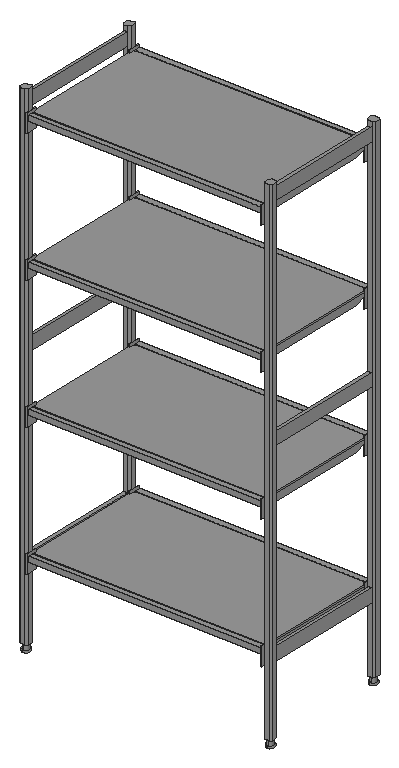
Revit family "QF_ELECTROLUXPROFESSIONAL_137031_BLS862", category Attrezzature speciali, Revit 2020
Family settings
  Quota connettore circolare = Usa diametro
  Tipo di parte = Normale
  Basato su piano di lavoro = No
  Sempre verticale = Sì
  Taglio con vuoti quando caricato = No
  Condiviso = No
  Punto di calcolo locali = No
Parameters (values of type "Standard")
  Weight = 19.00 kg
  Watts = 0 W
  Volts = 0 V
  URL Manufacturer = "https://www.electroluxprofessional.com/"
  URL = "https://www.electroluxprofessional.com/"
  Steam Supply Size = 0 mm
  Steam Supply Minimum Pressure = 0.0 Pa
  Steam Supply Maximum Pressure = 0.0 Pa
  Steam Consumption per Hour = 0
  Refrigeration Suction Line Size = 0.0 mm
  Refrigeration Liquid Line Size = 0.0 mm
  Refrigerant Compressor Remote = yes
  Prospetto di default = 0.0 mm
  Phase = 0
  Modello = "BLS862"
  Produttore = "Electrolux Professional"
  Length Actual = 862.0 mm  # constant formula
  Item Number = "137031"
  Hot Water Size = 0 mm
  Height Actual = 1700.0 mm  # constant formula
  HP = "0 HP"
  Gas Size = 0 mm
  Gas KW = 0
  Gas Input Pressure = 0 W
  Direct Waste Size = 0 mm
  Descrizione = "ALUM.LINEAR SHELV.-POLY.TIERS-475X862MM"
  Depth Actual = 475.0 mm  # constant formula
  Cycle = 0 Hz
  Condensate Return Size = 0 mm
  Compressed Air Volume = 0.0 L/s
  Compressed Air Size = 0 mm
  Compressed Air Pressure = 0.0 Pa
  Cold Water Size = 0 mm
  Accessory = yes
Reference planes
  plane 1: z = 0
  plane 2 "Center (Left/Right)": x = -31
  plane 3 "LEFT": x = -462
  plane 4 "RIGHT": x = 400
  plane 5 "BACK": y = 23
  plane 6 "FRONT": y = -452
  plane 7 "TOP": z = 1700
  plane 8: x = 395
  plane 9: x = -430
  plane 10: x = 368
  plane 11 "Center (Front/Back)": y = -214.5
  plane 12: x = 363
  plane 13: y = -8.5
  plane 14: y = -420.5
  plane 15 "FEET": z = 25
  plane 16: z = 275
  plane 17: z = 725
  plane 18: z = 1175
  plane 19: z = 1625
  plane 20 "CXLeft": x = -448
  plane 21 "CXRight": x = 386
  plane 22: y = 5.5
  plane 23 "CYBack": y = 5.5
  plane 24 "CYFront": y = -434.5
Forms (mm)
  Extrusion 1, solid, material "QF_Aluminum"
    sketch origin (-462, 0, 0) x (0, 1, 0) y (0, 0, 1)
      loop
        line (4, 1650.994) -> (4, 1632.998) -> (23, 1632.998) -> (23, 1650.994) -> (4, 1650.994)
      loop
        line (-433, 1650.994) -> (-452, 1650.994) -> (-452, 1632.998) -> (-433, 1632.998) -> (-433, 1650.994)
      loop
        line (4, 1200.994) -> (4, 1182.998) -> (23, 1182.998) -> (23, 1200.994) -> (4, 1200.994)
      loop
        line (-433, 1200.994) -> (-452, 1200.994) -> (-452, 1182.998) -> (-433, 1182.998) -> (-433, 1200.994)
      loop
        line (4, 750.994) -> (4, 732.998) -> (23, 732.998) -> (23, 750.994) -> (4, 750.994)
      loop
        line (-433, 750.994) -> (-452, 750.994) -> (-452, 732.998) -> (-433, 732.998) -> (-433, 750.994)
      loop
        line (4, 300.994) -> (4, 282.998) -> (23, 282.998) -> (23, 300.994) -> (4, 300.994)
      loop
        line (-433, 300.994) -> (-452, 300.994) -> (-452, 282.998) -> (-433, 282.998) -> (-433, 300.994)
    from 32 to 830
  Extrusion 2, solid, material "QF_Polyethylene"
    sketch origin (-462, 0, 0) x (0, 1, 0) y (0, 0, 1)
      loop
        line (2.007, 1650.994) -> (-431, 1650.994) -> (-431, 1644.496) -> (2.007, 1644.496) -> (2.007, 1650.994)
      loop
        line (2.007, 1200.994) -> (-431, 1200.994) -> (-431, 1194.496) -> (2.007, 1194.496) -> (2.007, 1200.994)
      loop
        line (2.007, 750.994) -> (-431, 750.994) -> (-431, 744.496) -> (2.007, 744.496) -> (2.007, 750.994)
      loop
        line (2.007, 300.994) -> (-431, 300.994) -> (-431, 294.496) -> (2.007, 294.496) -> (2.007, 300.994)
    from 32 to 830
  Extrusion 3, solid, material "QF_Aluminum"
    sketch origin (400, 0, 0) x (0, 1, 0) y (0, 0, 1)
      loop
        line (-12, 1632.998) -> (4, 1632.998) -> (4, 1650.994) -> (2.007, 1650.994) -> (2.007, 1644.496) -> (-431, 1644.496) -> (-431, 1650.994) -> (-433, 1650.994) -> (-433, 1632.998) -> (-417, 1632.998) -> (-383, 1620.994) -> (-46, 1620.994) -> (-12, 1632.998)
      loop
        line (-12, 1182.998) -> (4, 1182.998) -> (4, 1200.994) -> (2.007, 1200.994) -> (2.007, 1194.496) -> (-431, 1194.496) -> (-431, 1200.994) -> (-433, 1200.994) -> (-433, 1182.998) -> (-417, 1182.998) -> (-383, 1170.994) -> (-46, 1170.994) -> (-12, 1182.998)
      loop
        line (-12, 732.998) -> (4, 732.998) -> (4, 750.994) -> (2.007, 750.994) -> (2.007, 744.496) -> (-431, 744.496) -> (-431, 750.994) -> (-433, 750.994) -> (-433, 732.998) -> (-417, 732.998) -> (-383, 720.994) -> (-46, 720.994) -> (-12, 732.998)
      loop
        line (-12, 282.998) -> (4, 282.998) -> (4, 300.994) -> (2.007, 300.994) -> (2.007, 294.496) -> (-431, 294.496) -> (-431, 300.994) -> (-433, 300.994) -> (-433, 282.998) -> (-417, 282.998) -> (-383, 270.994) -> (-46, 270.994) -> (-12, 282.998)
    from -32 to -37
Lines and regions (mm)
  symbolic lines
    curve 1: line (368, 4, 1700) -> (-430, 4, 1700)
    curve 2: line (-434, 23, 1700) -> (372, 23, 1700)
    curve 3: line (372, 13.246, 1700) -> (378.254, 19.5, 1700)
    curve 4: line (378.254, -8.5, 1700) -> (372, -2.246, 1700)
    curve 5: line (378.254, -420.5, 1700) -> (372, -426.754, 1700)
    curve 6: line (-434, -452, 1700) -> (372, -452, 1700)
    curve 7: line (372, 23, 1700) -> (372, -12.993, 1700)
    curve 8: line (372, -12.993, 1700) -> (368, -12.993, 1700)
    curve 9: line (372, -452, 1700) -> (372, -416.007, 1700)
    curve 10: line (372, -416.007, 1700) -> (368, -416.007, 1700)
    curve 11: line (-430, -12.993, 1700) -> (-430, -416.007, 1700)
    curve 12: line (-430, -433, 1700) -> (368, -433, 1700)
    curve 13: line (368, -12.993, 1700) -> (368, -416.007, 1700)
Dimensions and locks
  locked: plane 3 "LEFT" to plane 4 "RIGHT" at 862
  equal spacing: plane 3 "LEFT", plane 2 "Center (Left/Right)", plane 4 "RIGHT"
  locked: plane 7 "TOP" to level at 1700
  locked: plane 5 "BACK" to plane 6 "FRONT" at 475
  locked: plane 4 "RIGHT" to plane 8 at 5
  locked: plane 9 to plane 10 at 798
  locked: plane 3 "LEFT" to plane 9 at 32
  plane 12 to plane 10 = 5.0 mm
  locked: plane 13 to plane 14 at 412
  equal spacing: plane 13, plane 11 "Center (Front/Back)", plane 14
  equal spacing: plane 5 "BACK", plane 11 "Center (Front/Back)", plane 6 "FRONT"
  plane 15 "FEET" to level = 25.0 mm
  plane 7 "TOP" to plane 15 "FEET" = 1675.0 mm
  plane 16 to plane 15 "FEET" = 250.0 mm
  plane 17 to plane 16 = 450.0 mm
  plane 18 to plane 17 = 450.0 mm
  plane 19 to plane 18 = 450.0 mm
  locked: plane 3 "LEFT" to plane 20 "CXLeft" at 14
  locked: plane 21 "CXRight" to plane 4 "RIGHT" at 14
  locked: plane 5 "BACK" to plane 23 "CYBack" at 17.5
  locked: plane 24 "CYFront" to plane 6 "FRONT" at 17.5
  aligned and locked: level to plane 1
  aligned and locked: plane 9 to Extrusion 2
  aligned and locked: Extrusion 2 to plane 10
  aligned and locked: plane 9 to Extrusion 1
  aligned and locked: Extrusion 1 to plane 10
  aligned and locked: Extrusion 1 sketch curve to Extrusion 1 sketch curve  (x2)
  aligned and locked: Extrusion 3 sketch curve to Extrusion 3 sketch curve  (x3)
  aligned and locked: Extrusion 3 to plane 12
  aligned and locked: Extrusion 3 to plane 10
  aligned and locked: nested 1 to plane 20 "CXLeft"
  aligned and locked: nested 2 to plane 21 "CXRight"
Automatic sketch dimensions
  Extrusion 1 sketch curve to plane 6 "FRONT" = 0.0 mm  (x4)
  Extrusion 1 sketch curve to plane 5 "BACK" = 0.0 mm  (x4)
  plane 24 "CYFront" to Extrusion 1 sketch curve = 1.5 mm  (x2)
  plane 22 to Extrusion 1 sketch curve = 1.5 mm  (x4)
  plane 16 to Extrusion 1 sketch curve = 7.998 mm  (x2)
  Extrusion 1 sketch curve to Extrusion 1 sketch curve = 17.997 mm  (x8)
  plane 17 to Extrusion 1 sketch curve = 7.998 mm  (x2)
  plane 18 to Extrusion 1 sketch curve = 7.998 mm  (x2)
  plane 19 to Extrusion 1 sketch curve = 7.998 mm  (x2)
  plane 24 "CYFront" to Extrusion 2 sketch curve = 3.5 mm  (x4)
  plane 22 to Extrusion 2 sketch curve = 3.493 mm  (x4)
  plane 16 to Extrusion 2 sketch curve = 19.496 mm
  Extrusion 2 sketch curve to Extrusion 2 sketch curve = 6.499 mm  (x4)
  plane 17 to Extrusion 2 sketch curve = 19.496 mm
  plane 18 to Extrusion 2 sketch curve = 19.496 mm
  plane 19 to Extrusion 2 sketch curve = 19.496 mm
  plane 24 "CYFront" to Extrusion 3 sketch curve = 1.5 mm  (x4)
  Extrusion 3 sketch curve to Extrusion 3 sketch curve = 2.0 mm
  plane 14 to Extrusion 3 sketch curve = 3.5 mm  (x4)
  Extrusion 3 sketch curve to plane 16 = 4.006 mm
  Extrusion 3 sketch curve to Extrusion 3 sketch curve = 34.0 mm  (x4)
  Extrusion 3 sketch curve to plane 17 = 4.006 mm
  Extrusion 3 sketch curve to plane 18 = 4.006 mm
  Extrusion 3 sketch curve to plane 19 = 4.006 mm
  Extrusion 3 sketch curve to plane 13 = 37.5 mm  (x4)
  Extrusion 3 sketch curve to plane 13 = 3.5 mm  (x4)
  plane 22 to Extrusion 3 sketch curve = 3.493 mm  (x4)
  plane 22 to Extrusion 3 sketch curve = 1.5 mm  (x4)
  plane 16 to Extrusion 3 sketch curve = 7.998 mm  (x2)
  Extrusion 3 sketch curve to Extrusion 3 sketch curve = 11.498 mm  (x4)
  Extrusion 3 sketch curve to Extrusion 3 sketch curve = 6.499 mm  (x8)
  plane 17 to Extrusion 3 sketch curve = 7.998 mm  (x2)
  plane 18 to Extrusion 3 sketch curve = 7.998 mm  (x2)
  plane 19 to Extrusion 3 sketch curve = 7.998 mm  (x2)
  curve 6 to plane 6 "FRONT" = 0.0 mm
  curve 12 to plane 9 = 0.0 mm
  curve 12 to plane 10 = 0.0 mm
  curve 5 to plane 14 = 0.0 mm
  curve 11 to plane 9 = 0.0 mm
  curve 8 to plane 10 = 0.0 mm
  curve 4 to plane 13 = 0.0 mm
  curve 1 to plane 9 = 0.0 mm
  curve 1 to plane 10 = 0.0 mm
  curve 2 to plane 5 "BACK" = 0.0 mm
  plane 14 to curve 10 = 4.493 mm
  curve 7 to plane 13 = 4.493 mm
  curve 10 to plane 10 = 4.0 mm
  curve 7 to plane 10 = 4.0 mm
  plane 24 "CYFront" to curve 12 = 1.5 mm
  curve 5 to plane 14 = 6.254 mm
  plane 14 to curve 11 = 4.493 mm
  curve 11 to plane 13 = 4.493 mm
  plane 13 to curve 4 = 6.254 mm
  plane 22 to curve 1 = 1.5 mm
  curve 3 to plane 22 = 7.746 mm
  curve 3 to plane 5 "BACK" = 3.5 mm
  curve 5 to curve 9 = 6.254 mm
  curve 3 to curve 2 = 6.254 mm
  curve 4 to curve 7 = 6.254 mm
  plane 9 to curve 2 = 4.0 mm
  plane 9 to curve 6 = 4.0 mm
Nested families
  nested 1: "WT_Anta475" at (-45, 0, 0), type "WT_Anta475"
  nested 2: "WT_Anta475" at (-17, 0, 0) x (-1, 0, 0) z (0, 0, 1), type "WT_Anta475"
Definition of nested family "WT_Anta475"
  Parameters
    WidthLeft = A + 64.0 mm  # 772.0 mm
    Width = 1606.0 mm
    Right = WidthLeft / 2  # 386.0 mm
    Default Elevation = 0.0 mm
    Left = -WidthLeft / 2  # -386.0 mm
    Height = 1725.0 mm
    FEET = 25.0 mm
    E = 0.0 mm
    Dint = Depth - 63.0 mm  # 412.0 mm
    Dext = Depth - 8.0 mm  # 467.0 mm
    Depth = 475.0 mm
    DX = (WidthLeft - A) / 2  # 32.0 mm
    B = 798.0 mm
    A = 708.0 mm
  Reference planes
    plane 1: z = 0
    plane 2 "LEFT": x = -417
    plane 3 "BACK": y = 23
    plane 4 "FRONT": y = -452
    plane 5 "TOP": z = 1725
    plane 6 "Center (Front/Back)": y = -214.5
    plane 7: y = -8.5
    plane 8: y = -420.5
    plane 9 "FEET": z = 25
    plane 10: z = 275
    plane 11: z = 725
    plane 12: z = 1175
    plane 13: z = 1625
    plane 14 "CXLeft": x = -403
    plane 15: y = 5.5
    plane 16 "CYBack": y = 5.5
    plane 17 "CYFront": y = -434.5
    plane 18: x = -385.031
    plane 19: x = -380.031
  Forms (mm)
    Extrusion 1, solid
      sketch origin (0, 0, 0) x (1, 0, 0) y (0, 1, 0)
        loop
          line (-417, 13.246) -> (-417, -2.246) -> (-410.746, -8.5) -> (-395.254, -8.5) -> (-389, -2.246) -> (-389, 13.246) -> (-395.254, 19.5) -> (-410.746, 19.5) -> (-417, 13.246)
      from 1725 to 25
    Extrusion 2, solid
      sketch origin (-417, 0, 0) x (0, 1, 0) y (0, 0, 1)
        loop
          line (23, 246.005) -> (23, 307.993) -> (-12.993, 307.993) -> (-12.993, 246.005) -> (23, 246.005)
        loop
          line (-452, 246.005) -> (-416.007, 246.005) -> (-416.007, 307.993) -> (-452, 307.993) -> (-452, 246.005)
        loop
          line (23, 696.005) -> (23, 757.993) -> (-12.993, 757.993) -> (-12.993, 696.005) -> (23, 696.005)
        loop
          line (-452, 696.005) -> (-416.007, 696.005) -> (-416.007, 757.993) -> (-452, 757.993) -> (-452, 696.005)
        loop
          line (23, 1146.005) -> (23, 1207.993) -> (-12.993, 1207.993) -> (-12.993, 1146.005) -> (23, 1146.005)
        loop
          line (-452, 1146.005) -> (-416.007, 1146.005) -> (-416.007, 1207.993) -> (-452, 1207.993) -> (-452, 1146.005)
        loop
          line (23, 1596.005) -> (23, 1657.993) -> (-12.993, 1657.993) -> (-12.993, 1596.005) -> (23, 1596.005)
        loop
          line (-452, 1596.005) -> (-416.007, 1596.005) -> (-416.007, 1657.993) -> (-452, 1657.993) -> (-452, 1596.005)
      from 28 to 32
    Revolve 3, solid
      sketch origin (-403, 0, 0) x (0, 1, 0) y (0, 0, 1)
        loop
          line (5.5, 25) -> (5.5, 0) -> (19, 0) -> (19, 5) -> (14, 5) -> (14, 25) -> (5.5, 25)
        axis (5.5, 25) -> (5.5, 0)
      angle from 0 to 360
    Extrusion 4, solid
      sketch origin (-403, 0, 0) x (0, 1, 0) y (0, 0, 1)
        loop
          line (-8.5, 912.382) -> (-8.5, 957.374) -> (-420.5, 957.374) -> (-420.5, 912.382) -> (-8.5, 912.382)
        loop
          line (-8.5, 1662.244) -> (-8.5, 1707.236) -> (-420.5, 1707.236) -> (-420.5, 1662.244) -> (-8.5, 1662.244)
      from -5 to 5
    Revolve 5, solid
      sketch origin (-403, -627, 0) x (0, -1, 0) y (0, 0, 1)
        loop
          line (-192.5, 25) -> (-192.5, 0) -> (-179, 0) -> (-179, 5) -> (-184, 5) -> (-184, 25) -> (-192.5, 25)
        axis (-192.5, 25) -> (-192.5, 0)
      angle from 0 to 360
    Extrusion 6, solid
      sketch origin (0, -627, 0) x (1, 0, 0) y (0, 1, 0)
        loop
          line (-417, 184.754) -> (-410.746, 178.5) -> (-395.254, 178.5) -> (-389, 184.754) -> (-389, 200.246) -> (-395.254, 206.5) -> (-410.746, 206.5) -> (-417, 200.246) -> (-417, 184.754)
      from 1725 to 25
    Extrusion 7, solid
      sketch origin (-417.031, -0.022, 0) x (0, 1, 0) y (0, 0, -1)
        loop
          line (-12, -1632.998) -> (-46, -1620.994) -> (-383, -1620.994) -> (-417, -1632.998) -> (-433, -1632.998) -> (-433, -1650.994) -> (-431, -1650.994) -> (-431, -1644.496) -> (2.007, -1644.496) -> (2.007, -1650.994) -> (4, -1650.994) -> (4, -1632.998) -> (-12, -1632.998)
        loop
          line (-12, -1182.998) -> (-46, -1170.994) -> (-383, -1170.994) -> (-417, -1182.998) -> (-433, -1182.998) -> (-433, -1200.994) -> (-431, -1200.994) -> (-431, -1194.496) -> (2.007, -1194.496) -> (2.007, -1200.994) -> (4, -1200.994) -> (4, -1182.998) -> (-12, -1182.998)
        loop
          line (-12, -732.998) -> (-46, -720.994) -> (-383, -720.994) -> (-417, -732.998) -> (-433, -732.998) -> (-433, -750.994) -> (-431, -750.994) -> (-431, -744.496) -> (2.007, -744.496) -> (2.007, -750.994) -> (4, -750.994) -> (4, -732.998) -> (-12, -732.998)
        loop
          line (-12, -282.998) -> (-46, -270.994) -> (-383, -270.994) -> (-417, -282.998) -> (-433, -282.998) -> (-433, -300.994) -> (-431, -300.994) -> (-431, -294.496) -> (2.007, -294.496) -> (2.007, -300.994) -> (4, -300.994) -> (4, -282.998) -> (-12, -282.998)
      from -32 to -37
    Extrusion 8, solid
      sketch origin (-403, 0, -659.878) x (0, 1, 0) y (0, 0, 1)
        loop
          line (-8.5, 912.382) -> (-8.5, 957.374) -> (-420.5, 957.374) -> (-420.5, 912.382) -> (-8.5, 912.382)
        loop
          line (-8.5, 1572.382) -> (-8.5, 1617.374) -> (-420.5, 1617.374) -> (-420.5, 1572.382) -> (-8.5, 1572.382)
        loop
          line (-8.5, 2322.382) -> (-8.5, 2367.374) -> (-420.5, 2367.374) -> (-420.5, 2322.382) -> (-8.5, 2322.382)
      from -5 to 5
  Lines and regions (mm)
    symbolic lines
      curve 1: line (-408, -8.5, 1725) -> (-408, -420.5, 1725)
      curve 2: line (-398, -420.5, 1725) -> (-398, -8.5, 1725)
      curve 3: line (-395.254, -8.5, 1725) -> (-410.746, -8.5, 1725)
      curve 4: line (-417, -2.246, 1725) -> (-410.746, -8.5, 1725)
      curve 5: line (-417, 13.246, 1725) -> (-417, -2.246, 1725)
      curve 6: line (-410.746, 19.5, 1725) -> (-417, 13.246, 1725)
      curve 7: line (-395.254, 19.5, 1725) -> (-410.746, 19.5, 1725)
      curve 8: line (-389, 13.246, 1725) -> (-395.254, 19.5, 1725)
      curve 9: line (-395.254, -8.5, 1725) -> (-389, -2.246, 1725)
      curve 10: line (-395.254, -420.5, 1725) -> (-410.746, -420.5, 1725)
      curve 11: line (-417, -426.754, 1725) -> (-410.746, -420.5, 1725)
      curve 12: line (-410.746, -448.5, 1725) -> (-417, -442.246, 1725)
      curve 13: line (-395.254, -448.5, 1725) -> (-410.746, -448.5, 1725)
      curve 14: line (-389, -442.246, 1725) -> (-395.254, -448.5, 1725)
      curve 15: line (-395.254, -420.5, 1725) -> (-389, -426.754, 1725)
      curve 16: line (-389, -452, 1725) -> (-389, -416.007, 1725)
      curve 17: line (-389, -416.007, 1725) -> (-385, -416.007, 1725)
      curve 18: line (-389, 23, 1725) -> (-389, -12.993, 1725)
      curve 19: line (-389, -12.993, 1725) -> (-385, -12.993, 1725)
      curve 20: line (-417, -426.754, 1725) -> (-417, -442.246, 1725)
      curve 21: line (-385, -452, 1725) -> (-385, -416.007, 1725)
      curve 22: line (-385, -452, 1725) -> (-389, -452, 1725)
      curve 23: line (-385, 23, 1725) -> (-389, 23, 1725)
      curve 24: line (-385, -12.993, 1725) -> (-385, 23, 1725)
      curve 25: line (-385.031, -13.016, 1725) -> (-385.031, -416.029, 1725)
  Dimensions and locks
    "Height": plane 5 "TOP" to level
    "Depth": plane 3 "BACK" to plane 4 "FRONT"
    "Dint": plane 7 to plane 8
    equal spacing: plane 7, plane 6 "Center (Front/Back)", plane 8
    equal spacing: plane 3 "BACK", plane 6 "Center (Front/Back)", plane 4 "FRONT"
    plane 9 "FEET" to level = 25.0 mm
    plane 5 "TOP" to plane 9 "FEET" = 1700.0 mm
    plane 10 to plane 9 "FEET" = 250.0 mm
    plane 11 to plane 10 = 450.0 mm
    plane 12 to plane 11 = 450.0 mm
    plane 13 to plane 12 = 450.0 mm
    locked: plane 2 "LEFT" to plane 14 "CXLeft" at 14
    locked: plane 3 "BACK" to plane 16 "CYBack" at 17.5
    locked: plane 17 "CYFront" to plane 4 "FRONT" at 17.5
    locked: Revolve 3 sketch curve to Revolve 3 sketch curve at 8.5
    locked: Revolve 3 sketch curve to plane 16 "CYBack" at 13.5
    locked: Revolve 5 sketch curve to Revolve 5 sketch curve at 8.5
    aligned and locked: level to plane 1
    aligned and locked: curve 20 to Extrusion 6
    aligned and locked: plane 5 "TOP" to Extrusion 1
    aligned and locked: plane 5 "TOP" to Extrusion 6
    aligned and locked: Extrusion 7 sketch curve to Extrusion 7 sketch curve  (x3)
  Automatic sketch dimensions
    curve 16 to plane 4 "FRONT" = 0.0 mm
    curve 11 to plane 8 = 0.0 mm
    curve 9 to plane 7 = 0.0 mm
    curve 5 to plane 2 "LEFT" = 0.0 mm
    curve 23 to plane 3 "BACK" = 0.0 mm
    plane 4 "FRONT" to curve 13 = 3.5 mm
    curve 20 to plane 17 "CYFront" = 7.746 mm
    curve 20 to plane 8 = 6.254 mm
    plane 8 to curve 16 = 4.493 mm
    curve 24 to plane 18 = 0.031 mm
    curve 24 to plane 7 = 4.493 mm
    plane 7 to curve 5 = 6.254 mm
    curve 5 to plane 15 = 7.746 mm
    curve 6 to plane 3 "BACK" = 3.5 mm
    curve 21 to plane 18 = 0.031 mm
    plane 18 to curve 23 = 3.969 mm
    plane 18 to curve 16 = 3.969 mm
    curve 18 to curve 8 = 6.254 mm
    curve 18 to curve 3 = 6.254 mm
    curve 16 to curve 13 = 6.254 mm
    curve 16 to curve 15 = 6.254 mm
    plane 2 "LEFT" to curve 10 = 6.254 mm
    plane 2 "LEFT" to curve 7 = 6.254 mm
    plane 2 "LEFT" to curve 12 = 6.254 mm
    plane 2 "LEFT" to curve 3 = 6.254 mm
    curve 14 to plane 17 "CYFront" = 7.746 mm
    curve 15 to plane 8 = 6.254 mm
    plane 7 to curve 9 = 6.254 mm
    curve 8 to plane 15 = 7.746 mm
    curve 3 to curve 2 = 2.746 mm
    curve 1 to curve 10 = 2.746 mm
    Extrusion 1 sketch curve to plane 2 "LEFT" = 0.0 mm
    Extrusion 1 sketch curve to plane 7 = 0.0 mm
    plane 2 "LEFT" to Extrusion 1 sketch curve = 6.254 mm  (x2)
    plane 14 "CXLeft" to Extrusion 1 sketch curve = 7.746 mm  (x2)
    Extrusion 1 sketch curve to plane 3 "BACK" = 3.5 mm
    plane 18 to Extrusion 1 sketch curve = 3.969 mm
    plane 7 to Extrusion 1 sketch curve = 6.254 mm  (x2)
    Extrusion 1 sketch curve to plane 15 = 7.746 mm  (x2)
    Extrusion 2 sketch curve to plane 4 "FRONT" = 0.0 mm  (x4)
    Extrusion 2 sketch curve to plane 3 "BACK" = 0.0 mm  (x4)
    plane 8 to Extrusion 2 sketch curve = 4.493 mm  (x4)
    Extrusion 2 sketch curve to plane 7 = 4.493 mm  (x4)
    Extrusion 2 sketch curve to plane 10 = 28.995 mm  (x2)
    plane 10 to Extrusion 2 sketch curve = 32.993 mm  (x2)
    Extrusion 2 sketch curve to plane 11 = 28.995 mm  (x2)
    plane 11 to Extrusion 2 sketch curve = 32.993 mm  (x2)
    Extrusion 2 sketch curve to plane 12 = 28.995 mm  (x2)
    plane 12 to Extrusion 2 sketch curve = 32.993 mm  (x2)
    Extrusion 2 sketch curve to plane 13 = 28.995 mm  (x2)
    plane 13 to Extrusion 2 sketch curve = 32.993 mm  (x2)
    Revolve 3 sketch curve to plane 9 "FEET" = 0.0 mm  (x2)
    Revolve 3 sketch curve to plane 15 = 0.0 mm  (x2)
    Revolve 3 sketch curve to level = 0.0 mm
    level to Revolve 3 sketch curve = 5.0 mm
    Revolve 3 sketch curve to Revolve 3 sketch curve = 11.655 mm
    Extrusion 4 sketch curve to plane 8 = 0.0 mm  (x2)
    Extrusion 4 sketch curve to plane 7 = 0.0 mm  (x2)
    plane 11 to Extrusion 4 sketch curve = 187.382 mm
    Extrusion 4 sketch curve to Extrusion 4 sketch curve = 44.992 mm
    plane 13 to Extrusion 4 sketch curve = 37.244 mm
    Extrusion 4 sketch curve to plane 5 "TOP" = 17.764 mm
    Revolve 5 sketch curve to plane 9 "FEET" = 0.0 mm  (x2)
    Revolve 5 sketch curve to plane 17 "CYFront" = 0.0 mm  (x2)
    Revolve 5 sketch curve to level = 0.0 mm
    Revolve 5 sketch curve to plane 4 "FRONT" = 4.0 mm
    Revolve 5 sketch curve to Revolve 5 sketch curve = 5.0 mm
    level to Revolve 5 sketch curve = 11.655 mm
    Extrusion 6 sketch curve to plane 2 "LEFT" = 0.0 mm
    Extrusion 6 sketch curve to plane 8 = 0.0 mm
    Extrusion 6 sketch curve to plane 2 "LEFT" = 6.254 mm  (x2)
    Extrusion 6 sketch curve to plane 14 "CXLeft" = 7.746 mm  (x2)
    Extrusion 6 sketch curve to plane 4 "FRONT" = 3.5 mm
    Extrusion 6 sketch curve to plane 18 = 3.969 mm
    plane 8 to Extrusion 6 sketch curve = 6.254 mm  (x2)
    plane 17 "CYFront" to Extrusion 6 sketch curve = 7.746 mm  (x2)
    plane 17 "CYFront" to Extrusion 7 sketch curve = 1.478 mm  (x4)
    Extrusion 7 sketch curve to Extrusion 7 sketch curve = 2.0 mm
    plane 8 to Extrusion 7 sketch curve = 3.478 mm  (x4)
    Extrusion 7 sketch curve to plane 10 = 4.006 mm
    Extrusion 7 sketch curve to Extrusion 7 sketch curve = 34.0 mm  (x4)
    Extrusion 7 sketch curve to plane 11 = 4.006 mm
    Extrusion 7 sketch curve to plane 12 = 4.006 mm
    Extrusion 7 sketch curve to plane 13 = 4.006 mm
    Extrusion 7 sketch curve to plane 7 = 37.522 mm  (x4)
    Extrusion 7 sketch curve to plane 7 = 3.522 mm  (x4)
    plane 15 to Extrusion 7 sketch curve = 3.516 mm  (x4)
    plane 15 to Extrusion 7 sketch curve = 1.522 mm  (x4)
    plane 13 to Extrusion 7 sketch curve = 7.998 mm  (x2)
    Extrusion 7 sketch curve to Extrusion 7 sketch curve = 11.498 mm
    Extrusion 7 sketch curve to Extrusion 7 sketch curve = 6.499 mm  (x5)
    plane 12 to Extrusion 7 sketch curve = 25.994 mm  (x2)
    plane 12 to Extrusion 7 sketch curve = 7.998 mm  (x2)
    plane 11 to Extrusion 7 sketch curve = 25.994 mm  (x2)
    plane 11 to Extrusion 7 sketch curve = 7.998 mm  (x2)
    plane 10 to Extrusion 7 sketch curve = 25.994 mm  (x2)
    plane 10 to Extrusion 7 sketch curve = 7.998 mm  (x2)
    curve 25 to plane 18 = 0.0 mm
    plane 8 to curve 25 = 4.471 mm
    curve 25 to plane 7 = 4.516 mm
    Extrusion 8 sketch curve to plane 8 = 0.0 mm  (x3)
    Extrusion 8 sketch curve to plane 7 = 0.0 mm  (x3)
    Extrusion 8 sketch curve to plane 10 = 22.496 mm
    plane 10 to Extrusion 8 sketch curve = 22.496 mm
    plane 11 to Extrusion 8 sketch curve = 187.504 mm
    Extrusion 8 sketch curve to Extrusion 8 sketch curve = 44.992 mm
    plane 13 to Extrusion 8 sketch curve = 37.504 mm
    Extrusion 8 sketch curve to plane 5 "TOP" = 17.504 mm
